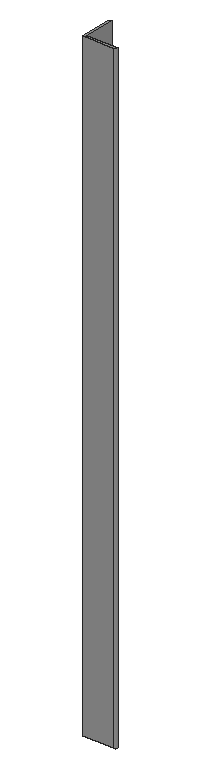
Revit family "AQUA ARETA 50", category Equipement spécialisé, Revit 2017
Family settings
  Hôte = Sol
  Cote de connecteur circulaire = Utiliser le diamètre
  Type d'élément = Normal
  Toujours verticalement = Oui
  Couper avec des vides une fois chargée = Non
  Partagée = Non
  Point de calcul de pièce = Non
Parameters
  ht du sol [instance] = 100 mm
  ht de la protection d'angle [instance] = 1000 mm
  couleur [instance] = CS-France blanche neige 9003
  Modèle = "Aqua Areta"
  Image du type = imag aqua areta.jpg
  Fabricant = "CS-FRANCE"
  Description = "Le modèle Aqua Areta 50 est fabriqué en Acrovyn® Color, Acrovyn® Bois ou Acrovyn® Métal.\r\nPose rapide et simple avec colle en cartouche ou adhésif double face."
  Commentaires du type = "Protection d’angle à coller en Acrovyn® 40 couleurs de largeur 30mm, 50mm ou 75mm."
Reference planes
  plane 1 "Centre (avant/arrière)": y = 0
  plane 2: z = 0
  plane 3 "Centre (gauche/droite)": x = 0
  plane 4: x = 50
  plane 5: y = 50
  plane 6: z = 100
  plane 7: z = 1100
Forms (mm)
  Extrusion 1, solid, material "CS-France blanche neige 9003" <- "couleur"
    sketch origin (0, 0, 0) x (1, 0, 0) y (0, 1, 0)
      loop
        line (-4, 46) -> (-4, -4) -> (46, -4)
        arc (46, -4) -> (48.828, -2.828) -> (50, 0) r 4
        line (50, 0) -> (0, 0) -> (0, 50)
        arc (0, 50) -> (-2.828, 48.828) -> (-4, 46) r 4
    from 100 to 1100
Dimensions and locks
  plane 3 "Centre (gauche/droite)" to plane 4 = 50 mm
  plane 5 to Extrusion 1 = 50 mm
  "ht du sol": plane 6 to plane 2
  "ht de la protection d'angle": plane 7 to plane 6
  aligned and locked: level to plane 2
  aligned and locked: plane 6 to Extrusion 1
  aligned and locked: Extrusion 1 to plane 7
Automatic sketch dimensions
  Extrusion 1 sketch curve to plane 3 "Centre (gauche/droite)" = 0 mm
  plane 1 "Centre (avant/arrière)" to Extrusion 1 sketch curve = 0 mm
  Extrusion 1 sketch curve to plane 4 = 0 mm
  Extrusion 1 sketch curve to plane 5 = 0 mm
  Extrusion 1 sketch curve to plane 3 "Centre (gauche/droite)" = 4 mm
  plane 1 "Centre (avant/arrière)" to Extrusion 1 sketch curve = 4 mm
